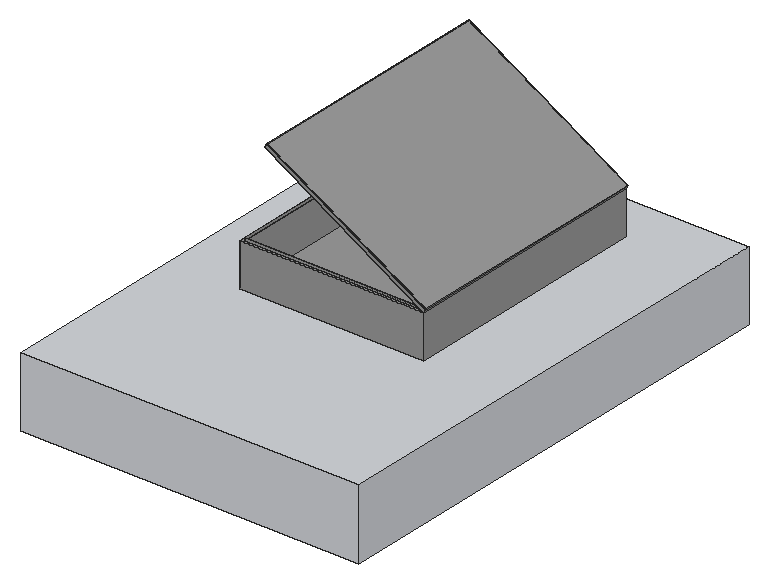
Revit family "Hager-Univers-IP44-D205-H1100-Cl.II-Encl-PL-en", category Equipement électrique, Revit 2020
Family settings
  Hôte = Face
  Configuration du panneau = Deux colonnes, circuits au sein
  Cote de connecteur circulaire = Utiliser le diamètre
  Type d'élément = Tableau de raccordement
  Couper avec des vides une fois chargée = Non
  Partagée = Non
  Point de calcul de pièce = Non
Parameters (values of type "Surface mounted (plaster) IP44 W800 H1100 D205  - FP73SN2")
  Width Control [instance] = if([EF000008 - Width] > Min Width, [EF000008 - Width], Min Width)  # 800 mm
  Commentaires du type = [HG000003 - Range]  # "Univers"
  Thickness Door [instance] = if([EF009171 - Material plate thickness door/cover] > 3 mm, 3 mm, [EF009171 - Material plate thickness door/cover])  # 1 mm
  Seal Frame Offset [instance] = 17 mm  # constant formula
  Plinth Visibility [instance] = [HG000027 - Plinth height] > 0 mm  # no
  Model = ""
  Min Width [instance] = 100 mm  # constant formula
  Min Height [instance] = 100 mm  # constant formula
  Min Depth [instance] = (2 * [EF009170 - Material plate thickness cabinet]) + 1 mm  # 3 mm
  Internal Frame Depth [instance] = (Door System Depth * 0.5)  # 9 mm
  Height Control [instance] = if([EF000040 - Height] > Min Height, [EF000040 - Height], Min Height)  # 1100 mm
  HG000027 - Plinth height = 0 mm
  HG000026 - Floor standing = no
  HG000024 - Bottom section height = 800 mm
  HG000023 - Double section enclosure = no
  HG000016 - Door 3d visibility [instance] = yes
  HG000015 - Clearance visibility [instance] = no
  HG000014 - Door on the right [instance] = yes
  HG000013 - Door on the left [instance] = not([HG000014 - Door on the right])  # no
  HG000012 - Door swing angle [instance] = 30.00°
  HG000010 - Asymmetric doors = no
  HG000009 - Double swing door = no
  HG000006 - Flush mounted = no
  HG000004 - Manufacturer reference = "FP73SN2"
  HG000003 - Range = "Univers"
  HG000002 - With door or cover = yes
  Frame Offset Bottom [instance] = 10 mm  # constant formula
  Frame Offset [instance] = 15 mm  # constant formula
  EF015940 - Cover with overpressure release = no
  EF011959 - Degree of protection (NEMA) = ""
  EF009554 - Number of openings for flange plates = 6
  EF009212 - Cover model = "EV000116 - Closed"
  EF009171 - Material plate thickness door/cover = 1 mm
  EF009170 - Material plate thickness cabinet = 1 mm
  Fabricant = "Hager"  # constant formula
  EF008873 - Nominal current (In) = 250 A
  EF007800 - Suitable for lightning protection = no
  EF006306 - With lock = no
  EF006244 - Transparent cover/door = no
  EF005474 - Degree of protection (IP) = "EV006418 - IP44"
  EF004464 - Type of door = "EV002646 - Single"
  EF004427 - Number of modules = 252
  EF004293 - Impact strength = "EV006815 - IK09"
  EF003532 - Suitable for outdoor use = no
  EF002950 - Width in number of modular spacings = 36
  EF001613 - Circuit integrity = "EV000494 - None"
  EF001596 - Material housing = "EV000179 - Steel"
  EF001131 - Internal depth = 143 mm
  EF001088 - Extension possible = yes
  EF000437 - Number of conduit inlets = 6
  EF000339 - Type of cover = "EV001012 - Cover"
  EF000266 - Number of rows = 7
  EF000218 - Built-in depth = 205 mm
  EF000118 - With mounting plate = no
  EF000116 - RAL-number = "9010"
  EF000049 - Depth = 205 mm
  EF000040 - Height = 1100 mm
  EF000008 - Width = 800 mm
  EF000007 - Colour = "EV000202 - White"
  EF000003 - Mounting method = "EV000384 - Surface mounted (plaster)"
  Door System Leaf Tolerance [instance] = 1.5 mm  # constant formula
  Door System Depth [instance] = 18 mm  # constant formula
  Door Height [instance] = Height Control - [HG000027 - Plinth height]  # 1100 mm
  Depth Control [instance] = if([EF000049 - Depth] > Min Depth, [EF000049 - Depth], Min Depth)  # 205 mm
  Default Elevation = 0 mm
  Connector Offset [instance] = Height Control / 2  # 550 mm
  Bottom Top Plate Trim [instance] = 1.5 mm  # constant formula
  Plinth height Ctrl [instance] = if([HG000027 - Plinth height] > 0 mm, [HG000027 - Plinth height], 12 mm)  # 12 mm
Types (5, lengths in mm): name | Width Control | HG000010 - Asymmetric doors | HG000009 - Double swing door | HG000004 - Manufacturer reference | EF009554 - Number of openings for flange plates | EF004464 - Type of door | EF004427 - Number of modules | EF002950 - Width in number of modular spacings | EF000437 - Number of conduit inlets | EF000008 - Width
  Surface mounted (plaster) IP44 W1050 H1100 D205  - FP74SN2 | 1050 | no | yes | "FP74SN2" | 8 | "EV003602 - Double" | 336 | 48 | 8 | 1050
  Surface mounted (plaster) IP44 W1300 H1100 D205  - FP75SN2 | 1300 | yes | yes | "FP75SN2" | 10 | "EV003602 - Double" | 420 | 60 | 10 | 1300
  Surface mounted (plaster) IP44 W300 H1100 D205  - FP71SN2 | 300 | no | no | "FP71SN2" | 2 | "EV002646 - Single" | 84 | 12 | 2 | 300
  Surface mounted (plaster) IP44 W550 H1100 D205  - FP72SN2 | 550 | no | no | "FP72SN2" | 4 | "EV002646 - Single" | 168 | 24 | 4 | 550
  Surface mounted (plaster) IP44 W800 H1100 D205  - FP73SN2 | 800 | no | no | "FP73SN2" | 6 | "EV002646 - Single" | 252 | 36 | 6 | 800
Reference planes
  plane 1 "Center (Front/Back)": y = 0
  plane 2: z = 0
  plane 3 "Center (Left/Right)": x = 0
  plane 4: z = 205
  plane 5: y = 1
  plane 6: y = 550
  plane 7: y = 0
  plane 8: y = 1100
  plane 9: z = 0
  plane 10: x = -385
  plane 11: x = 385
  plane 12: x = 384
  plane 13: x = -384
  plane 14: y = 1099
  plane 15: x = -383
  plane 16: x = -400
  plane 17: x = 383
  plane 18: x = 400
  plane 19: x = 399
  plane 20: x = -399
  plane 21: y = 11
  plane 22: y = 1100
  plane 23: y = 1084
  plane 24: z = 187
  plane 25: z = 1
  plane 26: z = 186
  plane 27: z = 204
Forms (mm)
  Extrusion 1, solid
    sketch origin (0, 0, 0) x (1, 0, 0) y (0, 1, 0)
      loop
        line (-702.964, 1305) -> (-702.964, -811.445) -> (766.763, -811.445) -> (766.763, 1305) -> (-702.964, 1305)
    from 0 to -304.8
  Extrusion 2, solid, material "Hager_Steel_RAL7035_Light_Grey", visible <- "Plinth Visibility", detail levels medium+fine
    sketch origin (0, 0, 0) x (1, 0, 0) y (0, 1, 0)
      loop
        line (-400, 0) -> (400, 0) -> (400, 12) -> (-400, 12) -> (-400, 0)
    from 0 to 187
  Extrusion 3, solid, material "Hager_Steel_RAL7035_Light_Grey", detail levels medium+fine
    sketch origin (0, 0, 0) x (1, 0, 0) y (0, 1, 0)
      loop
        line (-400, 0) -> (400, 0) -> (400, 1100) -> (-400, 1100) -> (-400, 0)
    from 0 to 187
  Extrusion 4, void
    sketch origin (0, 0, 0) x (1, 0, 0) y (0, 1, 0)
      loop
        line (-399, 1) -> (399, 1) -> (399, 1099) -> (-399, 1099) -> (-399, 1)
    from 1 to 186
  Extrusion 5, void
    sketch origin (-381.607, -4572, 187) x (0, -1, 0) y (-1, 0, 0)
      loop
        line (-4583, 2.393) -> (-5656, 2.393) -> (-5656, -765.607) -> (-4583, -765.607) -> (-4583, 2.393)
    from 0 to 1 <- "EF009170 - Material plate thickness cabinet"
  Extrusion 6, solid, material "Hager_Steel_RAL7035_Light_Grey", detail levels fine
    sketch origin (0, 0, 187) x (1, 0, 0) y (0, 1, 0)
      loop
        line (-384, 1084) -> (-384, 11) -> (384, 11) -> (384, 1084) -> (-384, 1084)
      loop
        line (-385, 10) -> (385, 10) -> (385, 1085) -> (-385, 1085) -> (-385, 10)
    from 0 to 9 <- "Internal Frame Depth"
  Extrusion 7, solid, material "Hager_Steel_RAL7035_Light_Grey", detail levels coarse
    sketch origin (0, 0, 0) x (1, 0, 0) y (0, 1, 0)
      loop
        line (-400, 0) -> (400, 0) -> (400, 1100) -> (-400, 1100) -> (-400, 0)
    from 0 to 205
  Sweep 8, void
    path in 3D
      loop
        line (-400, 12, 0) -> (400, 12, 0) -> (400, 12, 187) -> (-400, 12, 187) -> (-400, 12, 0)
    profile origin (-400, 12, 93.5) x (-1, 0, 0) y (0, -1, 0)
      loop
        line (0, 0) -> (0, 1.5) -> (-1.5, 1.5)
        arc (-1.5, 1.5) -> (-1.061, 0.439) -> (0, 0) r 1.5
Cuts and joins
  Extrusion 4, Extrusion 5 cuts Extrusion 3
  Sweep 8 cuts Extrusion 2
Lines and regions (mm)
  Masking region 1
    outline origin (0, 0, 0) x (1, 0, 0) y (0, 0, 1)
      loop
        line (-400, 205) -> (-400, 0) -> (400, 0) -> (400, 205) -> (-400, 205)
  Masking region 2, detail levels medium+fine
    outline origin (0, 140, 0) x (0, 1, 0) y (0, 0, 1)
      loop
        line (-140, 0) -> (960, 0) -> (960, 187) -> (-140, 187) -> (-140, 0)
  Masking region 3, not visible, detail levels medium+fine
    outline origin (0, 297.922, 0) x (0, 1, 0) y (0, 0, 1)
      loop
        line (263.578, 0) -> (303.578, 0) -> (303.578, 194)
        arc (303.578, 194) -> (300.649, 201.071) -> (293.578, 204) r 10
        line (293.578, 204) -> (263.578, 204) -> (263.578, 0)
  Masking region 4, detail levels coarse
    outline origin (0, 0, 180) x (0, 1, 0) y (0, 0, 1)
      loop
        line (0, -180) -> (1100, -180) -> (1100, 25) -> (0, 25) -> (0, -180)
  Masking region 5, visible <- "Plinth Visibility", detail levels medium+fine
    outline origin (0, 52.24, 12.345) x (0, 0, -1) y (0, 1, 0)
      loop
        line (10.845, -40.24) -> (-173.155, -40.24)
        arc (-173.155, -40.24) -> (-173.594, -41.301) -> (-174.655, -41.74) r 1.5
        line (-174.655, -41.74) -> (-174.655, -52.24) -> (12.345, -52.24) -> (12.345, -41.74)
        arc (12.345, -41.74) -> (11.285, -41.301) -> (10.845, -40.24) r 1.5
  Masking region 6, detail levels medium+fine
    outline origin (-381.607, -4572, 187) x (-1, 0, 0) y (0, -1, 0)
      loop
        line (18.393, -5672) -> (18.393, -4572) -> (-781.607, -4572) -> (-781.607, -5672) -> (18.393, -5672)
  Masking region 7, visible <- "Plinth Visibility", detail levels medium+fine
    outline origin (-381.607, -4727, 187) x (-1, 0, 0) y (0, -1, 0)
      loop
        arc (16.893, -4739) -> (17.332, -4737.939) -> (18.393, -4737.5) r 1.5
        line (18.393, -4737.5) -> (18.393, -4727) -> (-781.607, -4727) -> (-781.607, -4737.5)
        arc (-781.607, -4737.5) -> (-780.546, -4737.939) -> (-780.107, -4739) r 1.5
        line (-780.107, -4739) -> (16.893, -4739)
  Masking region 8, detail levels coarse
    outline origin (-442.548, -4669.526, 187) x (-1, 0, 0) y (0, -1, 0)
      loop
        line (-42.548, -5769.526) -> (-42.548, -4669.526) -> (-842.548, -4669.526) -> (-842.548, -5769.526) -> (-42.548, -5769.526)
  sketch lines
    curve 1: line (-400, 12, 187) -> (-400, 12, 0)
    curve 2: line (400, 12, 187) -> (-400, 12, 187)
    curve 3: line (400, 12, 187) -> (400, 12, 0)
    curve 4: line (-400, 12, 0) -> (400, 12, 0)
Dimensions and locks
  "Depth Control": plane 4 to Extrusion 1
  "HG000027 - Plinth height": plane 1 "Center (Front/Back)" to plane 7
  "EF009170 - Material plate thickness cabinet": plane 5 to plane 7
  locked: connector elem to plane 3 "Center (Left/Right)"
  equal spacing: plane 8, plane 6, plane 7
  locked: connector elem to plane 6
  "EF009170 - Material plate thickness cabinet": plane 8 to plane 14
  "EF009170 - Material plate thickness cabinet": plane 10 to plane 13
  "EF009170 - Material plate thickness cabinet": plane 12 to plane 11
  "Frame Offset": plane 20 to plane 13
  "Frame Offset": plane 12 to plane 19
  "EF009170 - Material plate thickness cabinet": plane 16 to plane 20
  "EF009170 - Material plate thickness cabinet": plane 19 to plane 18
  "Seal Frame Offset": plane 16 to plane 15
  "Seal Frame Offset": plane 17 to plane 18
  "Frame Offset Bottom": plane 21 to plane 5
  "Frame Offset": plane 14 to plane 23
  equal spacing: plane 16, plane 3 "Center (Left/Right)", plane 18
  "Width Control": plane 16 to plane 18
  "EF009170 - Material plate thickness cabinet": plane 4 to plane 27
  "EF009170 - Material plate thickness cabinet": plane 24 to plane 26
  "EF009170 - Material plate thickness cabinet": plane 25 to level
  "Door System Depth": plane 4 to plane 24
  "Height Control": plane 1 "Center (Front/Back)" to Extrusion 7 sketch curve
  "Height Control": Masking region 4 sketch curve to plane 1 "Center (Front/Back)"
  "Height Control": plane 1 "Center (Front/Back)" to plane 22
  "Bottom Top Plate Trim": profile plane to Sweep 8 sketch curve
  "Bottom Top Plate Trim": Sweep 8 sketch curve to profile plane
  "Plinth height Ctrl": plane 1 "Center (Front/Back)" to Extrusion 2 sketch curve
  "Plinth height Ctrl": Masking region 5 sketch curve to plane 1 "Center (Front/Back)"
  "Plinth height Ctrl": plane 1 "Center (Front/Back)" to Masking region 7 sketch curve
  "Thickness Door": Extrusion 6 sketch curve to Extrusion 6 sketch curve  (x3)
  "Thickness Door": cut or joined group of Extrusion 3, Extrusion 4, Extrusion 5 to Extrusion 6 sketch curve
  radius of Masking region 3 sketch curve = 10 mm
  "Bottom Top Plate Trim": radius of Masking region 5 sketch curve  (x2)
  "Bottom Top Plate Trim": radius of Sweep 8 sketch curve
  "Bottom Top Plate Trim": radius of Masking region 7 sketch curve  (x2)
  aligned and locked: plane 2 to Extrusion 1
  aligned and locked: level to Extrusion 1
  aligned and locked: level to Masking region 1 sketch curve
  aligned and locked: Masking region 1 sketch curve to plane 18
  aligned and locked: Masking region 1 sketch curve to plane 16
  aligned and locked: plane 7 to Masking region 2 sketch curve
  aligned and locked: level to Masking region 3 sketch curve
  aligned and locked: Masking region 3 sketch curve to plane 27
  aligned and locked: level to Masking region 2 sketch curve
  aligned and locked: plane 1 "Center (Front/Back)" to Extrusion 2 sketch curve
  aligned and locked: Extrusion 3 sketch curve to plane 7
  aligned and locked: plane 16 to Extrusion 3 sketch curve
  aligned and locked: plane 18 to Extrusion 3 sketch curve
  aligned and locked: plane 20 to Extrusion 4 sketch curve
  aligned and locked: plane 19 to Extrusion 4 sketch curve
  aligned and locked: Extrusion 4 sketch curve to plane 5
  aligned and locked: Extrusion 4 to plane 25
  aligned and locked: plane 26 to Extrusion 4
  aligned and locked: plane 24 to Extrusion 3
  aligned and locked: Extrusion 5 sketch curve to plane 21
  aligned and locked: Extrusion 5 sketch curve to plane 13
  aligned and locked: Extrusion 5 sketch curve to plane 12
  aligned and locked: plane 18 to Extrusion 7 sketch curve
  aligned and locked: plane 1 "Center (Front/Back)" to Extrusion 7 sketch curve
  aligned and locked: plane 16 to Extrusion 7 sketch curve
  aligned and locked: plane 4 to Extrusion 7
  aligned and locked: Extrusion 7 to level
  aligned and locked: level to Masking region 4 sketch curve
  aligned and locked: Masking region 4 sketch curve to plane 1 "Center (Front/Back)"
  aligned and locked: Masking region 4 sketch curve to plane 4
  aligned and locked: nested 1 to level
  aligned and locked: nested 1 to plane 16
  aligned and locked: plane 8 to Extrusion 3 sketch curve
  aligned and locked: plane 23 to Extrusion 5 sketch curve
  aligned and locked: plane 14 to Extrusion 4 sketch curve
  aligned and locked: Masking region 2 sketch curve to plane 8
  aligned and locked: level to Masking region 5 sketch curve
  aligned and locked: plane 16 to Extrusion 2 sketch curve
  aligned and locked: plane 18 to Extrusion 2 sketch curve
  aligned and locked: Masking region 5 sketch curve to plane 24
  aligned and locked: Masking region 2 sketch curve to plane 24
  aligned and locked: plane 24 to Extrusion 2
  aligned and locked: profile plane to Sweep 8 sketch curve  (x2)
  aligned and locked: Masking region 6 sketch curve to plane 18
  aligned and locked: Masking region 6 sketch curve to plane 22
  aligned and locked: Masking region 6 sketch curve to plane 16
  aligned and locked: plane 8 to plane 22
  aligned and locked: Masking region 6 sketch curve to plane 7
  aligned and locked: Masking region 7 sketch curve to plane 16
  aligned and locked: Masking region 7 sketch curve to plane 1 "Center (Front/Back)"
  aligned and locked: Masking region 7 sketch curve to plane 18
  aligned and locked: Masking region 8 sketch curve to plane 1 "Center (Front/Back)"
  aligned and locked: Masking region 8 sketch curve to plane 18
  aligned and locked: Masking region 8 sketch curve to plane 22
  aligned and locked: Masking region 8 sketch curve to plane 16
  aligned and locked: nested 2 to plane 7
  aligned and locked: plane 3 "Center (Left/Right)" to nested 2
  aligned and locked: nested 2 to plane 24
  aligned and locked: Extrusion 6 sketch curve to cut or joined group of Extrusion 3, Extrusion 4, Extrusion 5  (x4)
Automatic sketch dimensions
  Extrusion 1 sketch curve to Extrusion 1 sketch curve = 1469.727 mm
  Extrusion 1 sketch curve to Extrusion 1 sketch curve = 2116.445 mm
  Masking region 1 sketch curve to plane 4 = 0 mm
  plane 6 to Masking region 3 sketch curve = 11.5 mm
  Masking region 3 sketch curve to Masking region 3 sketch curve = 30 mm
  Masking region 5 sketch curve to plane 1 "Center (Front/Back)" = 0 mm
Nested families
  nested 1: "Hager_Enclosure_Symbol" at (-400, 0, 0) x (1, 0, 0) z (0, -1, 0), Height <- "Depth Control", Width <- "Width Control", type "Hager_Enclosure_Symbol"
    with Width_Ctrl 800 mm, Width 800 mm, Height_Ctrl 205 mm, Height 205 mm, A_Width_Int 13.453 mm, A_Width 161.438 mm, A_Height_Ctrl 179.375 mm, A_Height 179.375 mm
  nested 2: "EC000058_Univers_Door" at (0, 0, 187) x (1, 0, 0) z (0, 1, 0), Leaf_Tolerance <- "Door System Leaf Tolerance", Angle <- "HG000012 - Door swing angle", Door_Depth <- "Door System Depth", Door_Left <- "HG000013 - Door on the left", Transparent <- "EF006244 - Transparent cover/door", Assymetrical <- "HG000010 - Asymmetric doors", Width <- "Width Control", Clearance <- "HG000015 - Clearance visibility", Double <- "HG000009 - Double swing door", 3d_Door <- "HG000016 - Door 3d visibility", Lock_Visibility <- "EF006306 - With lock", Width_Ctrl <- "Width Control", Door_Right <- "HG000014 - Door on the right", Door <- "HG000002 - With door or cover", Height <- "Door Height", Thickness <- "Thickness Door", type "EC000058_Univers_Door", detail levels medium+fine
    with min_wh 3 mm, Width_Ctrl 800 mm, Width 800 mm, Transparent no, Thickness 1 mm, Seal_Material Hager_Rubber, Lock_Visibility no, Lock_Material Hager_Plastic_RAL9005_Jet_Black, Leaf_Width 800 mm, Leaf_Tolerance_External_Sides 0 mm, Leaf_Tolerance 1.5 mm, Leaf_Offset 0 mm, Leaf_Height 1097 mm, Leaf_2_Width 800 mm, Leaf_2_Offset 400 mm, Leaf_1_Width 800 mm, Leaf_1_Offset 400 mm, Height_Ctrl 1100 mm, Height 1100 mm, Glass_Material Hager_Glass, Double_Clearance_Ctrl no, Double no, Door_Right_Ctrl yes, Door_Right yes, Door_Material Hager_Steel_RAL7035_Light_Grey, Door_Left_Ctrl no, Door_Left no, Door_Depth 18 mm, Door yes, Clearance_Material Hager_Clearance, Clearance_Depth 800 mm, Clearance_Ctrl no, Clearance no, Assymetrical no, Angle 30.00°, 3d_Door yes
Connectors
  electrical at (0, 550, 0)
    settings: on plane 9, index 1, voltage 0 V, apparent load 0 VA, apparent load phase1 0 VA, apparent load phase2 0 VA, apparent load phase3 0 VA, power factor 1, load classification "Other", number of poles 1, system type 30, power factor state 1, is connector primary yes, connector utility no, sub classification motor no, connector description ""
Definition of nested family "EC000058_Univers_Door"
  Parameters (values of type "EC000058_Univers_Door")
    min_wh [instance] = (2 * Thickness) + 1 mm  # 11 mm
    Width_Ctrl [instance] = 400 mm
    Width [instance] = 500 mm
    Transparent [instance] = yes
    Thickness [instance] = 5 mm
    Seal_Material [instance] = none
    Lock_Visibility [instance] = yes
    Lock_Material [instance] = none
    Leaf_Width [instance] = if((Width_Ctrl - 2 * Leaf_Tolerance_External_Sides) > 0 mm, (Width_Ctrl - 2 * Leaf_Tolerance_External_Sides), min_wh)  # 400 mm
    Leaf_Tolerance_External_Sides [instance] = 0 mm  # constant formula
    Leaf_Tolerance [instance] = 1.5 mm
    Leaf_Offset [instance] = 0 mm  # constant formula
    Leaf_Height [instance] = if((Height_Ctrl - 2 * Leaf_Tolerance) > 0 mm, (Height_Ctrl - 2 * Leaf_Tolerance), min_wh)  # 497 mm
    Leaf_2_Width [instance] = if(and(and(Double, Assymetrical), Door_Left), (Leaf_Width / 3) - (Leaf_Tolerance / 2), if(and(and(Double, Assymetrical), Door_Right), (Leaf_Width / 3) * 2 - (Leaf_Tolerance / 2), if(and(Double, not(Assymetrical)), (Leaf_Width / 2) - Leaf_Tolerance, Leaf_Width)))  # 400 mm
    Leaf_2_Offset [instance] = if(and(Double, Assymetrical), Leaf_2_Width / 2, if(and(Double, not(Assymetrical)), Leaf_Width / 4, Leaf_Width / 2))  # 200 mm
    Leaf_1_Width [instance] = if(and(and(Double, Assymetrical), Door_Right), (Leaf_Width / 3) - (Leaf_Tolerance / 2), if(and(and(Double, Assymetrical), Door_Left), (Width / 3) * 2 - (Leaf_Tolerance / 2), if(and(Double, not(Assymetrical)), (Leaf_Width / 2) - Leaf_Tolerance, Leaf_Width)))  # 400 mm
    Leaf_1_Offset [instance] = if(and(Double, Assymetrical), Leaf_1_Width / 2, if(and(Double, not(Assymetrical)), Leaf_Width / 4, Leaf_Width / 2))  # 200 mm
    Height_Ctrl [instance] = if(Height > min_wh, Height, min_wh)  # 500 mm
    Height [instance] = 500 mm
    Glass_Material [instance] = none
    Double_Clearance_Ctrl [instance] = and(Double, Clearance)  # no
    Double [instance] = no
    Door_Right_Ctrl [instance] = and(or(Door_Right, Double), Door)  # yes
    Door_Right [instance] = yes
    Door_Material [instance] = none
    Door_Left_Ctrl [instance] = and(or(Door_Left, Double), Door)  # no
    Door_Left [instance] = no
    Door_Depth [instance] = 30 mm
    Door [instance] = yes
    Default Elevation = 1219.2 mm
    Clearance_Material [instance] = none
    Clearance_Depth [instance] = if(Leaf_1_Width > Leaf_2_Width, Leaf_1_Width, Leaf_2_Width)  # 400 mm
    Clearance_Ctrl [instance] = and(not(Double), Clearance)  # yes
    Clearance [instance] = yes
    Assymetrical [instance] = yes
    Angle [instance] = 30.00°
    3d_Door [instance] = yes
  Reference planes
    plane 1 "Center (Front/Back)": y = 0
    plane 2 "Bottom": z = 0
    plane 3 "Center (Left/Right)": x = 0
    plane 4: z = 500
    plane 5: x = -200
    plane 6: x = 200
    plane 7: z = 500
    plane 8: x = -200
    plane 9: z = 0
    plane 10: x = 200
    plane 11: y = 0
    plane 12: z = 1.5
    plane 13: x = -600
    plane 14: y = -400
    plane 15: x = 600
    plane 16: x = 0
    plane 17: x = 0
    plane 18: x = -200
    plane 19: x = 200
    plane 20: z = 498.5
  Forms (mm)
    Extrusion 1, solid, material <- "Clearance_Material", visible <- "Double_Clearance_Ctrl"
      sketch origin (1200, 0, 0) x (1, 0, 0) y (0, 0, -1)
        loop
          line (-1800, -498.5) -> (-600, -498.5) -> (-600, 0) -> (-1800, 0) -> (-1800, -498.5)
      from 0 to -400
  Dimensions and locks
    equal spacing: plane 5, plane 3 "Center (Left/Right)", plane 6
    "Width_Ctrl": plane 5 to plane 6
    "Leaf_Offset": plane 5 to plane 8
    "Leaf_Offset": plane 6 to plane 10
    "Leaf_Offset": plane 9 to level
    "Leaf_Offset": plane 4 to plane 7
    "Height_Ctrl": plane 4 to level
    "Leaf_Tolerance": plane 12 to plane 9
    locked: plane 11 to plane 1 "Center (Front/Back)"
    "Leaf_1_Offset": plane 18 to plane 16
    "Leaf_2_Offset": plane 17 to plane 19
    "Leaf_1_Width": plane 13 to plane 8
    "Leaf_2_Width": plane 10 to plane 15
    "Clearance_Depth": plane 14 to plane 1 "Center (Front/Back)"
    "Leaf_Tolerance_External_Sides": plane 8 to plane 18
    "Leaf_Tolerance_External_Sides": plane 19 to plane 10
    "Leaf_Tolerance": plane 7 to plane 20
    aligned and locked: level to plane 2 "Bottom"
    aligned and locked: nested 1 to plane 16
    aligned and locked: nested 2 to plane 17
    aligned and locked: Extrusion 1 to plane 13
    aligned and locked: plane 15 to Extrusion 1
    aligned and locked: Extrusion 1 to plane 14
    aligned and locked: plane 12 to nested 1
    aligned and locked: nested 2 to plane 12
    aligned and locked: Extrusion 1 to plane 11
    aligned and locked: plane 20 to Extrusion 1
    aligned and locked: nested 2 to plane 11
    aligned and locked: nested 1 to plane 11
  Automatic sketch dimensions
    Extrusion 1 sketch curve to level = 0 mm
    plane 5 to Extrusion 1 sketch curve = 400 mm
    plane 6 to Extrusion 1 sketch curve = 400 mm
    Extrusion 1 sketch curve to plane 4 = 1.5 mm
  Nested families
    nested 1: "EC000058_Univers_Door_Leaf" at (0, 0, 1.5), Width <- "Leaf_1_Width", visible <- "Door_Left_Ctrl", Leaf_Height <- "Leaf_Height", Angle <- "Angle", 3d_Door <- "3d_Door", Transparent <- "Transparent", Clearance Material <- "Clearance_Material", Clearance <- "Clearance_Ctrl", Door_Material <- "Door_Material", Glass_Material <- "Glass_Material", Door_Depth <- "Door_Depth", Lock_Material <- "Lock_Material", Seal_Material <- "Seal_Material", Lock_Visibility <- "Lock_Visibility", Thickness <- "Thickness", type "EC000058_Univers_Door_Leaf"
      with Width 400 mm, Transparent_Glass_Offset 30 mm, Transparent_Ctrl yes, Transparent yes, Thickness 5 mm, Standard no, Seal_Material none, Seal_D2 8 mm, Seal_D1 1 mm, Offset_Internal_Frame 10 mm, Lock_Width 20 mm, Lock_Visibility_3d yes, Lock_Visibility yes, Lock_Thickness_3 3 mm, Lock_Thickness_2 1 mm, Lock_Thickness_1 3 mm, Lock_Radius_Offset_2 16 mm, Lock_Radius_Offset_1 15 mm, Lock_Radius_2 5 mm, Lock_Radius 6 mm, Lock_Offset 5 mm, Lock_Material none, Lock_Height 80 mm, Lock_Cover_Top_Offset_2d 17 mm, Lock_Cover_Height -65 mm, Leaf_Height 497 mm, Internal_Seal_Thickness 8 mm, Internal_Seal_Depth_2 4.5 mm, Internal_Frame_Depth 25 mm, Glass_Thickness -1 mm, Glass_Offset -2 mm, Glass_Material none, Door_Material none, Door_Depth 30 mm, Clearance Material none, Clearance yes, Angle_Ctrl 30.00°, Angle 30.00°, 3d_Door yes
    nested 2: "EC000058_Univers_Door_Leaf" at (0, 0, 1.5) x (-1, 0, 0) z (0, 0, 1), Width <- "Leaf_2_Width", visible <- "Door_Right_Ctrl", Leaf_Height <- "Leaf_Height", Angle <- "Angle", 3d_Door <- "3d_Door", Transparent <- "Transparent", Clearance Material <- "Clearance_Material", Clearance <- "Clearance_Ctrl", Door_Material <- "Door_Material", Glass_Material <- "Glass_Material", Door_Depth <- "Door_Depth", Lock_Material <- "Lock_Material", Seal_Material <- "Seal_Material", Lock_Visibility <- "Lock_Visibility", Thickness <- "Thickness", type "EC000058_Univers_Door_Leaf"
      with Width 400 mm, Transparent_Glass_Offset 30 mm, Transparent_Ctrl yes, Transparent yes, Thickness 5 mm, Standard no, Seal_Material none, Seal_D2 8 mm, Seal_D1 1 mm, Offset_Internal_Frame 10 mm, Lock_Width 20 mm, Lock_Visibility_3d yes, Lock_Visibility yes, Lock_Thickness_3 3 mm, Lock_Thickness_2 1 mm, Lock_Thickness_1 3 mm, Lock_Radius_Offset_2 16 mm, Lock_Radius_Offset_1 15 mm, Lock_Radius_2 5 mm, Lock_Radius 6 mm, Lock_Offset 5 mm, Lock_Material none, Lock_Height 80 mm, Lock_Cover_Top_Offset_2d 17 mm, Lock_Cover_Height -65 mm, Leaf_Height 497 mm, Internal_Seal_Thickness 8 mm, Internal_Seal_Depth_2 4.5 mm, Internal_Frame_Depth 25 mm, Glass_Thickness -1 mm, Glass_Offset -2 mm, Glass_Material none, Door_Material none, Door_Depth 30 mm, Clearance Material none, Clearance yes, Angle_Ctrl 30.00°, Angle 30.00°, 3d_Door yes
  Definition of nested family "EC000058_Univers_Door_Leaf"
    Parameters (values of type "EC000058_Univers_Door_Leaf")
      Width [instance] = 2000 mm
      Transparent_Glass_Offset [instance] = 30 mm
      Transparent_Ctrl [instance] = and(Transparent, [3d_Door])  # yes
      Transparent [instance] = yes
      Thickness [instance] = 5 mm
      Standard [instance] = and(not(Transparent), [3d_Door])  # no
      Seal_Material [instance] = none
      Seal_D2 [instance] = 8 mm  # constant formula
      Seal_D1 [instance] = 1 mm  # constant formula
      Offset_Internal_Frame [instance] = 10 mm  # constant formula
      Lock_Width [instance] = 20 mm  # constant formula
      Lock_Visibility_3d [instance] = and(Lock_Visibility, [3d_Door])  # yes
      Lock_Visibility [instance] = yes
      Lock_Thickness_3 [instance] = 3 mm  # constant formula
      Lock_Thickness_2 [instance] = 1 mm  # constant formula
      Lock_Thickness_1 [instance] = 3 mm  # constant formula
      Lock_Radius_Offset_2 [instance] = Lock_Radius_Offset_1 + 1 mm  # 16 mm
      Lock_Radius_Offset_1 [instance] = 15 mm  # constant formula
      Lock_Radius_2 [instance] = Lock_Radius - 1 mm  # 5 mm
      Lock_Radius [instance] = 6 mm  # constant formula
      Lock_Offset [instance] = 5 mm  # constant formula
      Lock_Material [instance] = none
      Lock_Height [instance] = 80 mm  # constant formula
      Lock_Cover_Top_Offset_2d [instance] = Lock_Radius_Offset_2 + 1 mm  # 17 mm
      Lock_Cover_Height [instance] = -(Lock_Height - Lock_Radius_Offset_1)  # -65 mm
      Leaf_Height [instance] = 2720.336 mm
      Internal_Seal_Thickness [instance] = 8 mm  # constant formula
      Internal_Seal_Depth_2 [instance] = 4.5 mm  # constant formula
      Internal_Frame_Depth [instance] = if(Door_Depth - Thickness > 5 mm, Door_Depth - Thickness, 5 mm)  # 25 mm
      Glass_Thickness [instance] = if(Thickness > 15 mm, Glass_Offset + 10 mm, -1 mm)  # -1 mm
      Glass_Offset [instance] = if(Thickness > 15 mm, -(Thickness + 10 mm) / 2, -2 mm)  # -2 mm
      Glass_Material [instance] = none
      Door_Material [instance] = none
      Door_Depth [instance] = 30 mm
      Default Elevation = 0 mm
      Clearance Material [instance] = none
      Clearance [instance] = yes
      Angle_Ctrl [instance] = if(Angle > 180.00°, 180.00°, Angle)  # 90.00°
      Angle [instance] = 90.00°
      3d_Door [instance] = yes
    Reference planes
      plane 1 "Center (Front/Back)": y = 0
      plane 2: z = 0
      plane 3 "Center (Left/Right)": x = 0
      plane 4: y = 2000
      plane 5: x = -1000
      plane 6: x = 1000
      plane 7: x = -3000
      plane 8: z = 2720.336
      plane 9: z = 30
      plane 10: z = 2690.336
      plane 11: x = 970
      plane 12: x = -970
      plane 13: y = -3
      plane 14: z = 107.833
      plane 15: y = -5
      plane 16: y = -223.314
      plane 17: x = -1000
      plane 18: z = 1360.168
      plane 19: y = 30
    Forms (mm)
      Extrusion 1, solid, material <- "Clearance Material", visible <- "Clearance"
        sketch origin (0, 0, 0) x (1, 0, 0) y (0, 0, 1)
          loop
            line (-3000, 2720.336) -> (-3000, 0) -> (1000, 0) -> (1000, 2720.336) -> (-3000, 2720.336)
        from 0 to -2000
      Extrusion 2, solid, material <- "Door_Material", visible <- "Standard", detail levels medium+fine
        sketch origin (-1000, 0, 0) x (0, 1, 0) y (-1, 0, 0)
          loop
            line (0, 30) -> (0, 25) -> (2000, 25) -> (2000, 30) -> (0, 30)
        from 0 to 2720.336 <- "Leaf_Height"
      Extrusion 3, solid, material <- "Door_Material", visible <- "Transparent_Ctrl", detail levels medium+fine
        sketch origin (-1000, 0, 0) x (0, 1, 0) y (-1, 0, 0)
          loop
            line (0, 25) -> (2000, 25) -> (2000, 30) -> (0, 30) -> (0, 25)
        from 0 to 2720.336 <- "Leaf_Height"
      Extrusion 4, void
        sketch origin (-1025, 2000, 0) x (0, 1, 0) y (0, 0, -1)
          loop
            line (-30, -2690.336) -> (-30, -30) -> (-1970, -30) -> (-1970, -2690.336) -> (-30, -2690.336)
        from 0 to 5 <- "Thickness"
      Sweep 5, solid, material <- "Seal_Material", visible <- "Transparent_Ctrl", detail levels fine
        path in 3D
          loop
            line (-1025, 30, 30) -> (-1025, 30, 2690.336) -> (-1025, 1970, 2690.336) -> (-1025, 1970, 30) -> (-1025, 30, 30)
        profile origin (-1025, 1000, 30) x (1, 0, 0) y (0, 0, 1)
          loop
            line (0, 0) -> (0, -8) -> (1, -8) -> (1, 0) -> (0, 0)
      Extrusion 6, solid, material <- "Glass_Material", visible <- "Transparent_Ctrl", detail levels medium+fine
        sketch origin (-1030, 0, 0) x (0, 1, 0) y (0, 0, -1)
          loop
            line (1970, -2690.336) -> (1970, -30) -> (30, -30) -> (30, -2690.336) -> (1970, -2690.336)
        from -2 <- "Glass_Offset" to -1 <- "Glass_Thickness"
      Extrusion 7, solid, material <- "Door_Material", visible <- "3d_Door", detail levels medium+fine
        sketch origin (-1025, 2000, 0) x (0, -1, 0) y (0, 0, -1)
          loop
            line (0, -2720.336) -> (2000, -2720.336) -> (2000, 0) -> (0, 0) -> (0, -2720.336)
          loop
            line (1995, -5) -> (5, -5) -> (5, -2715.336) -> (1995, -2715.336) -> (1995, -5)
        from 0 to 25 <- "Internal_Frame_Depth"
      Sweep 8, solid, material <- "Seal_Material", visible <- "Transparent_Ctrl", detail levels fine
        path in 3D
          loop
            line (-1025, 0, 0) -> (-1025, 2000, 0) -> (-1025, 2000, 2720.336) -> (-1025, 0, 2720.336) -> (-1025, 0, 0)
        profile origin (-1025, 0, 1360.168) x (1, 0, 0) y (0, 1, 0)
          loop
            line (0, 10) -> (2.975, 10)
            arc (2.975, 10) -> (4.053, 10.447) -> (4.5, 11.525) r 1.525
            line (4.5, 11.525) -> (4.5, 16.527)
            arc (4.5, 16.527) -> (4.069, 17.569) -> (3.027, 18) r 1.473
            line (3.027, 18) -> (0, 18) -> (0, 10)
      Extrusion 9, solid, material <- "Lock_Material", visible <- "Lock_Visibility_3d", detail levels fine
        sketch origin (-1030, 0, 0) x (0, 1, 0) y (0, 0, -1)
          loop
            arc (1993.5, -1400.168) -> (1994.561, -1399.729) -> (1995, -1398.668) r 1.5
            line (1995, -1398.668) -> (1995, -1320.168) -> (1975, -1320.168) -> (1975, -1398.668)
            arc (1975, -1398.668) -> (1975.439, -1399.729) -> (1976.5, -1400.168) r 1.5
            line (1976.5, -1400.168) -> (1993.5, -1400.168)
        from 3 <- "Lock_Thickness_1" to 0
      Blend 10, solid, material <- "Lock_Material", visible <- "Lock_Visibility_3d", detail levels fine
        base sketch origin (-1033, 0, 0) x (0, 1, 0) y (0, 0, -1)
          loop
            line (1975, -1320.168) -> (1975, -1398.668)
            arc (1975, -1398.668) -> (1975.439, -1399.729) -> (1976.5, -1400.168) r 1.5
            line (1976.5, -1400.168) -> (1993.5, -1400.168)
            arc (1993.5, -1400.168) -> (1994.561, -1399.729) -> (1995, -1398.668) r 1.5
            line (1995, -1398.668) -> (1995, -1320.168) -> (1975, -1320.168)
        top sketch origin (-1033, 0, 0) x (0, 1, 0) y (0, 0, -1)
          loop
            line (1976, -1320.168) -> (1976, -1398.668)
            arc (1976, -1398.668) -> (1976.146, -1399.022) -> (1976.5, -1399.168) r 0.5
            line (1976.5, -1399.168) -> (1993.5, -1399.168)
            arc (1993.5, -1399.168) -> (1993.854, -1399.022) -> (1994, -1398.668) r 0.5
            line (1994, -1398.668) -> (1994, -1320.168) -> (1976, -1320.168)
        from 0 to 1 <- "Lock_Thickness_2"
      Blend 11, solid, material <- "Lock_Material", visible <- "Lock_Visibility_3d", detail levels fine
        base sketch origin (-1034, 0, 0) x (0, 1, 0) y (0, 0, -1)
          loop
            line (1978, -1320.168) -> (1978, -1384.168)
            arc (1978, -1384.168) -> (1985, -1391.168) -> (1992, -1384.168) r 7
            line (1992, -1384.168) -> (1992, -1320.168) -> (1978, -1320.168)
        top sketch origin (-1034, 0, 0) x (0, 1, 0) y (0, 0, -1)
          loop
            line (1991, -1320.168) -> (1979, -1320.168) -> (1979, -1383.168)
            arc (1979, -1383.168) -> (1985, -1389.168) -> (1991, -1383.168) r 6
            line (1991, -1383.168) -> (1991, -1320.168)
        from 0 to 3 <- "Lock_Thickness_3"
      Extrusion 12, solid, material <- "Lock_Material", visible <- "Lock_Visibility_3d", detail levels fine
        sketch origin (-1030, 1975, 1320.168) x (1, 0, 0) y (0, -1, 0)
          loop
            line (-7, -19) -> (-7, -1) -> (0, -1) -> (0, 0) -> (-8, 0) -> (-8, -20) -> (0, -20) -> (0, -19) -> (-7, -19)
        from 0 to -65 <- "Lock_Cover_Height"
      Extrusion 13, void
        sketch origin (-1038, 1995, 1320.168) x (-1, 0, 0) y (0, 0, -1)
          loop
            line (-5, -65) -> (0, -65) -> (-5, -60) -> (-5, -65)
        from 0 to 20 <- "Lock_Width"
      Extrusion 14, void
        sketch origin (-1038, 1975, 1320.168) x (0, -1, 0) y (0, 0, -1)
          loop
            circle (-10, -15.995) r 6
          loop
            circle (-10, -15.995) r 5
        from 0 to 2
      Extrusion 15, solid, material <- "Lock_Material", visible <- "Lock_Visibility_3d", detail levels medium
        sketch origin (-1030, 0, 0) x (0, 1, 0) y (0, 0, -1)
          loop
            arc (1993.5, -1400.168) -> (1994.561, -1399.729) -> (1995, -1398.668) r 1.5
            line (1995, -1398.668) -> (1995, -1320.168) -> (1975, -1320.168) -> (1975, -1398.668)
            arc (1975, -1398.668) -> (1975.439, -1399.729) -> (1976.5, -1400.168) r 1.5
            line (1976.5, -1400.168) -> (1993.5, -1400.168)
        from 8 to 0
    Cuts and joins
      Extrusion 4 cuts Extrusion 3
      Extrusion 13, Extrusion 14 cuts Extrusion 9
      Extrusion 14 cuts Blend 11
      Extrusion 13, Extrusion 14 cuts Extrusion 12
      joined: Extrusion 9, Blend 10, Blend 11, Extrusion 12
      Extrusion 14 cuts Extrusion 15
    Lines and regions (mm)
      Masking region 1, visible <- "Lock_Visibility", detail levels fine
        outline origin (0, 0, 0) x (0, 1, 0) y (0, 0, 1)
          loop
            line (30, 1320.168) -> (33, 1320.168) -> (33, 1400.168) -> (30, 1400.168) -> (30, 1320.168)
      Masking region 2, visible <- "Lock_Visibility", detail levels fine
        outline origin (0, 3.143, 0) x (0, 1, 0) y (0, 0, 1)
          loop
            line (29.857, 1354.168) -> (30.857, 1354.168) -> (30.857, 1366.168) -> (29.857, 1366.168) -> (29.857, 1354.168)
      Masking region 3, detail levels medium+fine
        outline origin (0, 0, 0) x (0, 1, 0) y (0, 0, 1)
          loop
            line (0, 0) -> (30, 0) -> (30, 2720.336) -> (0, 2720.336) -> (0, 0)
      Masking region 4, detail levels medium+fine
        outline origin (0, 0, 0) x (1, 0, 0) y (0, 0, 1)
          loop
            line (-1000, 2720.336) -> (-1000, 0) -> (1000, 0) -> (1000, 2720.336) -> (-1000, 2720.336)
      Masking region 5, visible <- "Lock_Visibility", detail levels fine
        outline origin (-47.116, 0, 0) x (1, 0, 0) y (0, 0, 1)
          loop
            arc (1024.616, 1399.168) -> (1023.556, 1398.729) -> (1023.116, 1397.668) r 1.5
            line (1023.116, 1397.668) -> (1023.116, 1320.168) -> (1041.116, 1320.168) -> (1041.116, 1397.668)
            arc (1041.116, 1397.668) -> (1040.677, 1398.729) -> (1039.616, 1399.168) r 1.5
            line (1039.616, 1399.168) -> (1024.616, 1399.168)
      Masking region 6, visible <- "Lock_Visibility", detail levels medium+fine
        outline origin (-25, 0, 0) x (1, 0, 0) y (0, 0, 1)
          loop
            arc (1001.5, 1400.168) -> (1000.439, 1399.729) -> (1000, 1398.668) r 1.5
            line (1000, 1398.668) -> (1000, 1320.168) -> (1020, 1320.168) -> (1020, 1398.668)
            arc (1020, 1398.668) -> (1019.561, 1399.729) -> (1018.5, 1400.168) r 1.5
            line (1018.5, 1400.168) -> (1001.5, 1400.168)
      Masking region 7, visible <- "Lock_Visibility", detail levels fine
        outline origin (-73.735, 0, 0) x (1, 0, 0) y (0, 0, 1)
          loop
            line (1051.735, 1382.168) -> (1065.735, 1382.168) -> (1065.735, 1384.168)
            arc (1065.735, 1384.168) -> (1058.735, 1391.168) -> (1051.735, 1384.168) r 7
            line (1051.735, 1384.168) -> (1051.735, 1382.168)
      Masking region 8, visible <- "Lock_Visibility", detail levels fine
        outline origin (-73.735, 0, 0) x (1, 0, 0) y (0, 0, 1)
          loop
            line (1052.735, 1382.168) -> (1064.735, 1382.168) -> (1064.735, 1383.168)
            arc (1064.735, 1383.168) -> (1058.735, 1389.168) -> (1052.735, 1383.168) r 6
            line (1052.735, 1383.168) -> (1052.735, 1382.168)
      Masking region 9, visible <- "Lock_Visibility", detail levels fine
        outline origin (-25, 0, 0) x (1, 0, 0) y (0, 0, 1)
          loop
            line (1020, 1320.168) -> (1020, 1382.168) -> (1000, 1382.168) -> (1000, 1320.168) -> (1020, 1320.168)
      Masking region 10, detail levels medium+fine
        outline origin (0, 0, 0) x (1, 0, 0) y (0, 0, 1)
          loop
            circle (985, 1335.144) r 6
      Masking region 11, detail levels fine
        outline origin (0, 0, 0) x (1, 0, 0) y (0, 0, 1)
          loop
            circle (985, 1335.144) r 5
      Masking region 12, visible <- "Lock_Visibility", detail levels fine
        outline origin (0, 12.767, 0) x (0, 1, 0) y (0, 0, 1)
          loop
            line (20.233, 1320.168) -> (21.233, 1320.168) -> (21.233, 1399.168) -> (20.233, 1400.168) -> (20.233, 1320.168)
      Masking region 13, visible <- "Lock_Visibility", detail levels fine
        outline origin (0, 13.767, -10) x (0, 1, 0) y (0, 0, 1)
          loop
            line (20.233, 1330.168) -> (23.233, 1330.168) -> (23.233, 1399.168) -> (20.233, 1402.168) -> (20.233, 1330.168)
      Masking region 14, visible <- "Lock_Visibility", detail levels fine
        outline origin (0, 12.767, -10) x (0, 1, 0) y (0, 0, 1)
          loop
            line (20.233, 1330.168) -> (25.233, 1330.168) -> (25.233, 1399.305) -> (20.233, 1394.305) -> (20.233, 1330.168)
      Masking region 15, visible <- "Lock_Visibility", detail levels medium
        outline origin (0, 0, 0) x (0, 1, 0) y (0, 0, 1)
          loop
            line (30, 1320.168) -> (38, 1320.168) -> (38, 1400.168) -> (30, 1400.168) -> (30, 1320.168)
      Masking region 16, visible <- "Lock_Visibility", detail levels fine
        outline origin (-1000, 0, 0) x (0, 1, 0) y (-1, 0, 0)
          loop
            line (1975, 30) -> (1995, 30) -> (1995, 38) -> (1975, 38) -> (1975, 30)
          loop
            line (1979, 37) -> (1976, 37) -> (1976, 34) -> (1978, 34) -> (1979, 37)
          loop
            line (1994, 37) -> (1991, 37) -> (1992, 34) -> (1994, 34) -> (1994, 37)
      Masking region 17, visible <- "Lock_Visibility", detail levels medium
        outline origin (-1000, 0, 0) x (0, 1, 0) y (-1, 0, 0)
          loop
            line (1975, 30) -> (1995, 30) -> (1995, 38) -> (1975, 38) -> (1975, 30)
      symbolic lines
        curve 1: line (1000, 0, 0) -> (-3000, 0, 0)
        curve 2: arc (1000, 0, 0) -> (-1000, 2000, 0) -> (-3000, 0, 0) r 2000
        curve 4: line (-1030, 0, 0) -> (-1030, 2000, 0)
      reference lines
        curve 3: line (-1000, 0, 0) -> (-1000, 2000, 0)
      symbolic lines, detail levels medium+fine
        curve 5: line (-1030, 2000, 0) -> (-1025, 2000, 0)
        curve 7: line (-1025, 0, 0) -> (-1030, 0, 0)
        curve 8: line (-1025, 0, 0) -> (-1000, 0, 0)
        curve 9: line (-1000, 0, 0) -> (-1000, 2000, 0)
        curve 10: line (-1000, 2000, 0) -> (-1025, 2000, 0)
      symbolic lines, detail levels fine
        curve 6: line (-1025, 2000, 0) -> (-1025, 0, 0)
      sketch lines
        curve 11: line (-1025, 0, 2720.336) -> (-1025, 0, 0)
        curve 12: line (-1025, 2000, 0) -> (-1025, 0, 0)
        curve 13: line (-1025, 2000, 2720.336) -> (-1025, 2000, 0)
        curve 14: line (-1025, 0, 2720.336) -> (-1025, 2000, 2720.336)
        curve 15: line (-1025, 1970, 30) -> (-1025, 30, 30)
        curve 16: line (-1025, 30, 30) -> (-1025, 30, 2690.336)
        curve 17: line (-1025, 1970, 2690.336) -> (-1025, 1970, 30)
        curve 18: line (-1025, 30, 2690.336) -> (-1025, 1970, 2690.336)
      symbolic lines, visible <- "Transparent", detail levels medium+fine
        curve 19: line (-970, 0, 2690.336) -> (970, 0, 2690.336)
        curve 20: line (-970, 0, 30) -> (-970, 0, 2690.336)
        curve 21: line (970, 0, 30) -> (-970, 0, 30)
        curve 22: line (970, 0, 2690.336) -> (970, 0, 30)
    Dimensions and locks
      "Width": plane 1 "Center (Front/Back)" to plane 4
      equal spacing: plane 5, plane 3 "Center (Left/Right)", plane 6
      "Width": plane 5 to plane 6
      "Width": plane 7 to plane 5
      "Leaf_Height": plane 8 to level
      "Width": curve 5 to curve 3
      "Width": curve 3 to curve 3
      plane 8 to plane 10 = 30 mm
      plane 9 to level = 30 mm
      plane 12 to plane 5 = 30 mm
      plane 6 to plane 11 = 30 mm
      Extrusion 1 to Extrusion 4 sketch curve = 30 mm
      "Transparent_Glass_Offset": curve 3 to Extrusion 4 sketch curve
      "Transparent_Glass_Offset": Extrusion 4 sketch curve to cut or joined group of Extrusion 3, Extrusion 4  (x2)
      cut or joined group of Extrusion 3, Extrusion 4 to Extrusion 6 sketch curve = 30 mm
      "Transparent_Glass_Offset": cut or joined group of Extrusion 3, Extrusion 4 to Extrusion 4 sketch curve
      "Thickness": curve 6 to curve 4
      "Thickness": Extrusion 7 sketch curve to Extrusion 7 sketch curve  (x4)
      "Door_Depth": curve 4 to curve 3
      "Offset_Internal_Frame": profile plane to Sweep 8 sketch curve
      "Internal_Seal_Thickness": Sweep 8 sketch curve to Sweep 8 sketch curve
      "Internal_Seal_Depth_2": profile plane to Sweep 8 sketch curve
      "Seal_D1": profile plane to Sweep 5 sketch curve
      "Seal_D2": profile plane to Sweep 5 sketch curve
      "Thickness": Extrusion 2 sketch curve to Extrusion 2 sketch curve
      equal spacing: Extrusion 9 sketch curve, plane 18, Extrusion 9 sketch curve  (x2)
      equal spacing: Masking region 1 sketch curve, plane 18, Masking region 1 sketch curve
      "Lock_Height": Masking region 1 sketch curve to Masking region 1 sketch curve
      "Lock_Radius": Masking region 2 sketch curve to plane 18 to Masking region 2 sketch curve
      Masking region 2 sketch curve to Masking region 1 = 1 mm
      "Door_Depth": plane 19 to plane 1 "Center (Front/Back)"
      "Lock_Thickness_1": Masking region 1 sketch curve to plane 19
      "Lock_Width": Extrusion 9 sketch curve to Extrusion 9 sketch curve
      "Lock_Height": Extrusion 9 sketch curve to Extrusion 9 sketch curve
      "Lock_Offset": cut or joined group of Extrusion 3, Extrusion 4 to Extrusion 9 sketch curve
      equal spacing: plane 8, plane 18, level
      "Lock_Radius_Offset_1": Blend 11 sketch curve to Blend 10
      locked: Blend 10 to Blend 11 sketch curve at 2  (x2)
      locked: var sketch to Blend 11 sketch curve at 1  (x2)
      "Lock_Radius_Offset_2": Blend 11 sketch curve to Blend 10
      locked: Extrusion 12 sketch curve to Extrusion 12 sketch curve at 1  (x3)
      Masking region 6 sketch curve to Masking region 6 sketch curve = 80 mm
      "Lock_Height": Masking region 6 sketch curve to Masking region 6 sketch curve
      "Lock_Width": Masking region 6 sketch curve to Masking region 6 sketch curve
      locked: Masking region 6 to Masking region 5 sketch curve at 1  (x3)
      locked: Masking region 5 to Masking region 7 sketch curve at 2  (x2)
      "Lock_Radius_Offset_1": Masking region 5 to Masking region 7 sketch curve
      "Lock_Radius_Offset_2": Masking region 5 to Masking region 8 sketch curve
      locked: Masking region 7 to Masking region 8 sketch curve at 1  (x2)
      "Lock_Cover_Top_Offset_2d": Masking region 5 to Masking region 9 sketch curve
      equal spacing: Masking region 9, Masking region 10 sketch curve, Masking region 9
      equal spacing: Masking region 9, Masking region 11 sketch curve, Masking region 9
      Extrusion 15 sketch curve to Extrusion 15 sketch curve = 80 mm
      "Lock_Width": Extrusion 15 sketch curve to Extrusion 15 sketch curve
      "Lock_Height": Extrusion 15 sketch curve to Extrusion 15 sketch curve
      equal spacing: Extrusion 15 sketch curve, plane 18, Extrusion 15 sketch curve
      "Lock_Thickness_3": Masking region 13 sketch curve to Masking region 13 sketch curve
      "Lock_Height": Masking region 12 sketch curve to Masking region 12 sketch curve
      locked: Masking region 13 sketch curve to Masking region 1 at 8
      locked: Masking region 14 sketch curve to Masking region 13 at 1
      locked: Masking region 14 sketch curve to Masking region 1 at 10.863
      "Lock_Height": Masking region 15 sketch curve to Masking region 15 sketch curve
      "Lock_Offset": Extrusion 15 sketch curve to cut or joined group of Extrusion 3, Extrusion 4
      "Lock_Offset": plane 6 to Masking region 6 sketch curve
      radius of Sweep 8 sketch curve = 1.525 mm
      radius of Sweep 8 sketch curve = 1.473 mm
      radius of Extrusion 9 sketch curve = 1.5 mm  (x2)
      "Lock_Radius": radius of Extrusion 14 sketch curve
      "Lock_Radius_2": radius of Extrusion 14 sketch curve
      "Lock_Radius": radius of Masking region 10 sketch curve
      "Lock_Radius_2": radius of Masking region 11 sketch curve
      radius of Extrusion 15 sketch curve = 1.5 mm  (x2)
      "Angle_Ctrl": angle plane 1 "Center (Front/Back)" to curve 3
      locked: Masking region 12 sketch curve to Masking region 12 sketch curve (angle 45.00°)
      locked: Masking region 13 sketch curve to Masking region 13 sketch curve (angle 45.00°)
      locked: Masking region 14 sketch curve to Masking region 14 sketch curve (angle 45.00°)
      aligned and locked: level to plane 2
      aligned and locked: Extrusion 1 to curve 1
      aligned and locked: plane 6 to Extrusion 1
      aligned and locked: Extrusion 1 to plane 1 "Center (Front/Back)"
      aligned and locked: plane 4 to Extrusion 1
      aligned and locked: plane 8 to Extrusion 1
      aligned and locked: curve 7 to Extrusion 2 sketch curve
      aligned and locked: curve 5 to Extrusion 2 sketch curve
      aligned and locked: curve 7 to Extrusion 3 sketch curve
      aligned and locked: Extrusion 3 sketch curve to curve 4
      aligned and locked: Extrusion 3 sketch curve to curve 6
      aligned and locked: Extrusion 3 sketch curve to curve 5
      aligned and locked: curve 9 to curve 3
      aligned and locked: Extrusion 7 sketch curve to cut or joined group of Extrusion 3, Extrusion 4  (x4)
      aligned and locked: plane 17 to curve 3
      aligned and locked: plane 1 "Center (Front/Back)" to curve 3
      aligned and locked: plane 17 to plane 5
      aligned and locked: Sweep 8 sketch curve to profile plane
      aligned and locked: Sweep 5 sketch curve to profile plane  (x2)
      aligned and locked: Masking region 1 to Masking region 2 sketch curve
      aligned and locked: plane 19 to Masking region 1 sketch curve
      aligned and locked: plane 1 "Center (Front/Back)" to Masking region 3 sketch curve
      aligned and locked: plane 19 to Masking region 3 sketch curve
      aligned and locked: level to Masking region 3 sketch curve
      aligned and locked: Masking region 3 sketch curve to plane 8
      aligned and locked: plane 17 to Masking region 4 sketch curve
      aligned and locked: level to Masking region 4 sketch curve
      aligned and locked: Masking region 4 sketch curve to plane 8
      aligned and locked: plane 12 to curve 20
      aligned and locked: plane 10 to curve 19
      aligned and locked: plane 11 to curve 22
      aligned and locked: curve 21 to plane 9
      aligned and locked: Extrusion 2 sketch curve to cut or joined group of Extrusion 3, Extrusion 4
      aligned and locked: Blend 10 sketch curve to Extrusion 9  (x4)
      aligned and locked: Extrusion 9 to Blend 10 sketch curve
      aligned and locked: Blend 10 to Blend 11 sketch curve
      aligned and locked: Extrusion 12 sketch curve to Blend 11
      aligned and locked: Extrusion 12 sketch curve to Extrusion 9  (x4)
      aligned and locked: Masking region 5 sketch curve to Masking region 6
      aligned and locked: Masking region 9 sketch curve to Masking region 6  (x3)
      aligned and locked: Masking region 12 sketch curve to Masking region 1
      aligned and locked: Masking region 13 sketch curve to Masking region 1
      aligned and locked: Masking region 12 to Masking region 14
      aligned and locked: Masking region 14 sketch curve to Masking region 1
      aligned and locked: Masking region 15 sketch curve to Masking region 14
      aligned and locked: Masking region 13 sketch curve to Masking region 12
      aligned and locked: Masking region 16 sketch curve to cut or joined group of Extrusion 14, Extrusion 15  (x4)
      aligned and locked: Masking region 16 sketch curve to cut or joined group of Extrusion 9, Blend 10, Blend 11, Extrusion 12, Extrusion 13, Extrusion 14  (x6)
      aligned and locked: cut or joined group of Extrusion 9, Blend 10, Blend 11, Extrusion 12, Extrusion 13, Extrusion 14 to Masking region 16 sketch curve
      aligned and locked: Masking region 17 sketch curve to cut or joined group of Extrusion 14, Extrusion 15  (x3)
      aligned and locked: Masking region 17 sketch curve to cut or joined group of Extrusion 9, Blend 10, Blend 11, Extrusion 12, Extrusion 13, Extrusion 14
      aligned and locked: Masking region 9 to Masking region 8 sketch curve
      aligned and locked: Masking region 9 to Masking region 7 sketch curve
    Automatic sketch dimensions
      plane 1 "Center (Front/Back)" to curve 2 = 0 mm
      curve 2 to plane 5 = 0 mm
      Extrusion 1 sketch curve to level = 0 mm
      Extrusion 1 sketch curve to plane 7 = 0 mm
      Extrusion 1 sketch curve to plane 6 = 0 mm
      Extrusion 1 sketch curve to plane 8 = 0 mm
      Extrusion 3 to Extrusion 6 sketch curve = 30 mm  (x4)
      Masking region 4 sketch curve to plane 6 = 0 mm
      Blend 10 sketch curve to Extrusion 9 = 1.5 mm
      Blend 10 sketch curve to Extrusion 9 = 1 mm
      Extrusion 13 sketch curve to Extrusion 12 = 0 mm  (x2)
      Extrusion 12 to Extrusion 13 sketch curve = 3 mm
      Extrusion 13 sketch curve to Extrusion 12 = 5 mm
      Extrusion 14 sketch curve to Extrusion 14 sketch curve = 0 mm  (x2)
      Extrusion 14 sketch curve to Extrusion 12 = 10 mm
      Extrusion 14 sketch curve to Extrusion 12 = 15.995 mm
      Masking region 5 sketch curve to Masking region 5 sketch curve = 1.5 mm  (x2)
      Masking region 10 sketch curve to plane 18 = 25.024 mm
      Masking region 11 sketch curve to plane 18 = 25.024 mm
      plane 19 to Masking region 14 sketch curve = 3 mm
      Masking region 16 sketch curve to Masking region 16 sketch curve = 3 mm
      curve 4 to curve 3 = 0 mm
      Blend 10 to Blend 11 sketch curve = 0 mm
      Masking region 6 sketch curve to Masking region 6 sketch curve = 1.5 mm  (x2)
      Masking region 6 sketch curve to plane 18 = 40 mm
      plane 19 to Masking region 12 sketch curve = 3 mm
      Masking region 12 sketch curve to Masking region 12 sketch curve = 1 mm
      Masking region 15 sketch curve to plane 19 = 0 mm
      Masking region 15 sketch curve to plane 18 = 40 mm
      radius of Blend 10 sketch curve to Extrusion 9 = 1 mm
Definition of nested family "Hager_Enclosure_Symbol"
  Parameters (values of type "Hager_Enclosure_Symbol")
    Width_Ctrl [instance] = if(Width > 1 mm, Width, 1 mm)  # 102.27 mm
    Width [instance] = 102.27 mm
    Height_Ctrl [instance] = if(Height > 1 mm, Height, 1 mm)  # 66.5 mm
    A_Width_Int [instance] = if(A_Width / 12 > 2 mm, A_Width / 12, 2 mm)  # 4.364 mm
    A_Width [instance] = if(A_Height_Ctrl * 0.9 > 2 mm, A_Height_Ctrl * 0.9, 2 mm)  # 52.369 mm
    A_Height_Ctrl [instance] = if(A_Height > 2 mm, A_Height, 2 mm)  # 58.188 mm
    Height [instance] = 66.5 mm
    A_Height [instance] = Height - (Height / 8)  # 58.188 mm
  Reference planes
    plane 1 "Centre (avant/arrière)": y = 0
    plane 2: z = 0
    plane 3 "Centre (gauche/droite)": x = 0
    plane 4: x = 52.369
    plane 5: y = 33.042
    plane 6: y = 41.77
    plane 7: y = 66.5
    plane 8: x = 26.184
    plane 9: y = 37.406
    plane 10: x = 102.27
    plane 11: y = 66.5
    plane 12: y = 8.313
  Lines and regions (mm)
    Filled region 1, type "Solid_Black", in view "Niveau de réf."
      outline origin (0, 0, 0) x (1, 0, 0) y (0, 1, 0)
        loop
          line (52.369, 66.5) -> (33.188, 54.536) -> (45.365, 45.006) -> (52.369, 66.5)
    Filled region 2, type "Solid_Black", in view "Niveau de réf."
      outline origin (0, 0, 0) x (1, 0, 0) y (0, 1, 0)
        loop
          line (0, 0) -> (102.27, 0) -> (102.27, 66.5) -> (0, 0)
    detail lines, in view "Niveau de réf."
      curve 1: line (0, 8.313, 0) -> (26.184, 41.77, 0)
      curve 2: line (26.184, 41.77, 0) -> (26.184, 33.042, 0)
      curve 3: line (26.184, 33.042, 0) -> (52.369, 66.5, 0)
  Dimensions and locks
    "A_Width": plane 3 "Centre (gauche/droite)" to plane 4
    equal spacing: plane 3 "Centre (gauche/droite)", plane 8, plane 4
    equal spacing: plane 6, plane 9, plane 5
    equal spacing: curve 3, Filled region 1 sketch curve, Filled region 1 sketch curve
    "Height_Ctrl": plane 1 "Centre (avant/arrière)" to plane 11
    "A_Height_Ctrl": plane 11 to plane 12
    equal spacing: plane 11, plane 9, plane 12
    "A_Width_Int": plane 6 to plane 9
    "Width_Ctrl": plane 3 "Centre (gauche/droite)" to plane 10
    angle Filled region 1 sketch curve to curve 3 = 20.00°
    angle curve 3 to Filled region 1 sketch curve = 20.00°
    locked: curve 3 to Filled region 1 sketch curve (angle 90.00°)
    aligned and locked: plane 10 to Filled region 2
    aligned and locked: plane 11 to Filled region 2 sketch curve
    aligned and locked: plane 10 to Filled region 2 sketch curve
    aligned and locked: plane 3 "Centre (gauche/droite)" to curve 1
    aligned and locked: plane 12 to curve 1
    aligned and locked: plane 7 to plane 11
  Automatic sketch dimensions
    Filled region 1 sketch curve to plane 4 = 0 mm
    Filled region 1 sketch curve to plane 7 = 0 mm
    plane 1 "Centre (avant/arrière)" to Filled region 2 sketch curve = 0 mm
    Filled region 2 sketch curve to plane 3 "Centre (gauche/droite)" = 0 mm
    curve 2 to plane 6 = 0 mm
    curve 2 to plane 8 = 0 mm
    curve 3 to plane 4 = 0 mm
    curve 2 to plane 5 = 0 mm
    curve 3 to plane 7 = 0 mm
